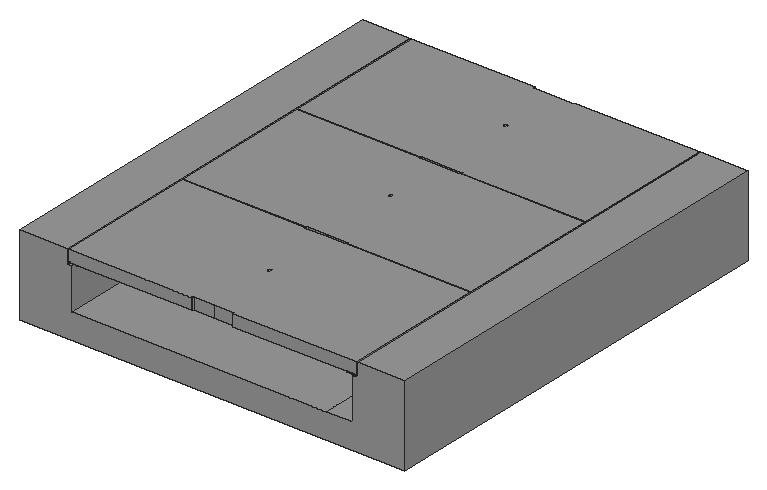
Revit family "T2400-F - 24” Wide, Frame and Grate System", category Plumbing Fixtures, host Face, Revit 2013
Parameters (values of type "T2400-F")
  Wide Body = 2' - 0"
  WFU = 0
  URL = "www.mifab.com"
  Model = "T-2400-F"
  Manufacturer = "Mifab"
  HWFU = 0
  Grate Material = Ductile Iron
  Description = "24” Wide, Frame and Grate System"
  Default Elevation = 0' - 0"
  CWFU = 0
  Body Material = Steel
Reference planes (in)
  plane 1 "Center (Front/Back)": y = 0
  plane 2: z = 0
  plane 3 "Center (Left/Right)": x = 0
Forms (in)
  Extrusion 1, solid, material "Concrete"
    sketch origin (0, 0, 0) x (1, 0, 0) y (0, 0, 1)
      loop
        line (-16.14844, -6.75) -> (16.14844, -6.75) -> (16.14844, 0) -> (12.14844, 0) -> (12.14844, -1.11315) -> (11.77344, -1.11315) -> (11.77344, -4.62576) -> (9.52344, -4.62576) -> (-11.77344, -4.62576) -> (-11.77344, -1.11315) -> (-12.14844, -1.11315) -> (-12.14844, 0) -> (-16.14844, 0) -> (-16.14844, -6.75)
    from 20 to -16
  Extrusion 2, solid, material "Steel" <- "Body Material"
    sketch origin (0, 0, 0) x (1, 0, 0) y (0, 0, 1)
      loop
        line (-12.14844, 0) -> (-12.14844, -1) -> (-11.27344, -1) -> (-11.27344, -0.96418) -> (-12.11568, -0.96418) -> (-12.11568, 0) -> (-12.14844, 0)
      loop
        line (12.14844, 0) -> (12.11568, 0) -> (12.11568, -0.96418) -> (11.27344, -0.96418) -> (11.27344, -1) -> (12.14844, -1) -> (12.14844, 0)
    from 20 to -15.75059
  Extrusion 3, solid, material "Steel" <- "Body Material"
    sketch origin (0, 0, 0) x (1, 0, 0) y (0, 0, 1)
      loop
        arc (-13.19317, -1.00115) -> (-13.24041, -1.02071) -> (-13.25997, -1.06795) r 0.0668
        line (-13.25997, -1.06795) -> (-13.25997, -5.38958) -> (-13.14844, -5.38958) -> (-13.14844, -1.14461)
        arc (-13.14844, -1.14461) -> (-13.13922, -1.12236) -> (-13.11698, -1.11315) r 0.03146
        line (-13.11698, -1.11315) -> (0, -1.11315) -> (13.11698, -1.11315)
        arc (13.11698, -1.11315) -> (13.13922, -1.12236) -> (13.14844, -1.14461) r 0.03146
        line (13.14844, -1.14461) -> (13.14844, -5.38958) -> (13.25997, -5.38958) -> (13.25997, -1.06795)
        arc (13.25997, -1.06795) -> (13.24041, -1.02071) -> (13.19317, -1.00115) r 0.0668
        line (13.19317, -1.00115) -> (9.90685, -1.00115) -> (0, -1.00115) -> (-9.90685, -1.00115) -> (-13.19317, -1.00115)
    from 13.25 to 14.75
  Extrusion 4, void
    sketch origin (0, -4, 0) x (0, 1, 0) y (0, 0, 1)
      loop
        circle (-9.97417, -2.18187) r 0.17172
      loop
        circle (-10, -4.71344) r 0.17172
      loop
        circle (2.75, -2.18187) r 0.17172
      loop
        circle (2.75, -4.71344) r 0.17172
      loop
        circle (14.75, -2.18187) r 0.17172
      loop
        circle (14.75, -4.71344) r 0.17172
    from -14.05435 to 14.34086
  Extrusion 5, void
    sketch origin (0, -4, 0) x (1, 0, 0) y (0, 1, 0)
      loop
        circle (0, -10) r 0.13323
      loop
        circle (0, 2.75) r 0.13323
      loop
        circle (0, 14.75) r 0.13323
    from -5.09827 to 12
  Extrusion 6, solid, material "Ductile Iron" <- "Grate Material"
    sketch origin (0, 0, 0) x (1, 0, 0) y (0, 1, 0)
      loop
        line (-12.11568, -8) -> (-12.11568, -20) -> (-1.75, -20) -> (-1.75, -19.94613)
        arc (-1.75, -19.94613) -> (-1.72925, -19.89604) -> (-1.67917, -19.8753) r 0.07083
        line (-1.67917, -19.8753) -> (0, -19.8753) -> (1.67917, -19.8753)
        arc (1.67917, -19.8753) -> (1.72925, -19.89604) -> (1.75, -19.94613) r 0.07083
        line (1.75, -19.94613) -> (1.75, -20) -> (12.11568, -20) -> (12.11568, -8) -> (1.75, -8) -> (1.75, -8.05387)
        arc (1.75, -8.05387) -> (1.72925, -8.10396) -> (1.67917, -8.1247) r 0.07083
        line (1.67917, -8.1247) -> (0, -8.1247) -> (-1.67917, -8.1247)
        arc (-1.67917, -8.1247) -> (-1.72925, -8.10396) -> (-1.75, -8.05387) r 0.07083
        line (-1.75, -8.05387) -> (-1.75, -8) -> (-12.11568, -8)
    from 0 to -0.96418
  Extrusion 7, solid, material "Ductile Iron" <- "Grate Material"
    sketch origin (0, -16, 0) x (1, 0, 0) y (0, 1, 0)
      loop
        line (-12.11568, 8) -> (-1.75, 8) -> (-1.75, 8.05387)
        arc (-1.75, 8.05387) -> (-1.72925, 8.10396) -> (-1.67917, 8.1247) r 0.07083
        line (-1.67917, 8.1247) -> (0, 8.1247) -> (1.67917, 8.1247)
        arc (1.67917, 8.1247) -> (1.72925, 8.10396) -> (1.75, 8.05387) r 0.07083
        line (1.75, 8.05387) -> (1.75, 8) -> (12.11568, 8) -> (12.11568, 20) -> (1.75, 20) -> (1.75, 19.94613)
        arc (1.75, 19.94613) -> (1.72925, 19.89604) -> (1.67917, 19.8753) r 0.07083
        line (1.67917, 19.8753) -> (0, 19.8753) -> (-1.67917, 19.8753)
        arc (-1.67917, 19.8753) -> (-1.72925, 19.89604) -> (-1.75, 19.94613) r 0.07083
        line (-1.75, 19.94613) -> (-1.75, 20) -> (-12.11568, 20) -> (-12.11568, 8)
    from 0 to -0.96418
  Extrusion 8, solid, material "Ductile Iron" <- "Grate Material"
    sketch origin (0, 24, 0) x (1, 0, 0) y (0, 1, 0)
      loop
        line (-12.11568, -8) -> (-12.11568, -20) -> (-1.75, -20) -> (-1.75, -19.94613)
        arc (-1.75, -19.94613) -> (-1.72925, -19.89604) -> (-1.67917, -19.8753) r 0.07083
        line (-1.67917, -19.8753) -> (0, -19.8753) -> (1.67917, -19.8753)
        arc (1.67917, -19.8753) -> (1.72925, -19.89604) -> (1.75, -19.94613) r 0.07083
        line (1.75, -19.94613) -> (1.75, -20) -> (12.11568, -20) -> (12.11568, -8) -> (1.75, -8) -> (1.75, -8.05387)
        arc (1.75, -8.05387) -> (1.72925, -8.10396) -> (1.67917, -8.1247) r 0.07083
        line (1.67917, -8.1247) -> (0, -8.1247) -> (-1.67917, -8.1247)
        arc (-1.67917, -8.1247) -> (-1.72925, -8.10396) -> (-1.75, -8.05387) r 0.07083
        line (-1.75, -8.05387) -> (-1.75, -8) -> (-12.11568, -8)
    from 0 to -0.96418
  Extrusion 9, solid, material "Steel" <- "Body Material"
    sketch origin (0, 0, 0) x (1, 0, 0) y (0, 0, 1)
      loop
        line (-13.25997, -5.38958) -> (-13.14844, -5.38958) -> (-13.14844, -1.14461)
        arc (-13.14844, -1.14461) -> (-13.13922, -1.12236) -> (-13.11698, -1.11315) r 0.03146
        line (-13.11698, -1.11315) -> (13.11698, -1.11315)
        arc (13.11698, -1.11315) -> (13.13922, -1.12236) -> (13.14844, -1.14461) r 0.03146
        line (13.14844, -1.14461) -> (13.14844, -5.38958) -> (13.25997, -5.38958) -> (13.25997, -1.06795)
        arc (13.25997, -1.06795) -> (13.24041, -1.02071) -> (13.19317, -1.00115) r 0.0668
        line (13.19317, -1.00115) -> (-13.19317, -1.00115)
        arc (-13.19317, -1.00115) -> (-13.24041, -1.02071) -> (-13.25997, -1.06795) r 0.0668
        line (-13.25997, -1.06795) -> (-13.25997, -5.38958)
    from 2 to 0.5
  Extrusion 10, solid, material "Steel" <- "Body Material"
    sketch origin (0, 0, 0) x (1, 0, 0) y (0, 0, 1)
      loop
        line (-13.25997, -5.38958) -> (-13.14844, -5.38958) -> (-13.14844, -1.14461)
        arc (-13.14844, -1.14461) -> (-13.13922, -1.12236) -> (-13.11698, -1.11315) r 0.03146
        line (-13.11698, -1.11315) -> (13.11698, -1.11315)
        arc (13.11698, -1.11315) -> (13.13922, -1.12236) -> (13.14844, -1.14461) r 0.03146
        line (13.14844, -1.14461) -> (13.14844, -5.38958) -> (13.25997, -5.38958) -> (13.25997, -1.06795)
        arc (13.25997, -1.06795) -> (13.24041, -1.02071) -> (13.19317, -1.00115) r 0.0668
        line (13.19317, -1.00115) -> (-13.19317, -1.00115)
        arc (-13.19317, -1.00115) -> (-13.24041, -1.02071) -> (-13.25997, -1.06795) r 0.0668
        line (-13.25997, -1.06795) -> (-13.25997, -5.38958)
    from -10 to -11.5
  Extrusion 11, solid, material "Steel"
    sketch origin (-0.00182, 7.51319, 0.11228) x (1, 0, 0) y (0, 0, 1)
      loop
        line (-12.27325, -1.01873) -> (-13.38553, -2.43156)
        arc (-13.38553, -2.43156) -> (-13.40745, -2.44491) -> (-13.43277, -2.44065) r 0.03674
        line (-13.43277, -2.44065) -> (-14.05473, -2.08156) -> (-14.10582, -2.13265) -> (-13.41725, -2.5302)
        arc (-13.41725, -2.5302) -> (-13.38928, -2.5349) -> (-13.36506, -2.52015) r 0.04059
        line (-13.36506, -2.52015) -> (-12.27511, -1.13568)
        arc (-12.27511, -1.13568) -> (-12.25449, -1.11908) -> (-12.2287, -1.11315) r 0.05906
        line (-12.2287, -1.11315) -> (-12.18301, -1.11315) -> (-12.18301, -1) -> (-12.23467, -1)
        arc (-12.23467, -1) -> (-12.25612, -1.00493) -> (-12.27325, -1.01873) r 0.0491
      loop
        arc (12.27143, -1.01873) -> (12.25429, -1.00493) -> (12.23285, -1) r 0.0491
        line (12.23285, -1) -> (12.18119, -1) -> (12.18119, -1.11315) -> (12.22688, -1.11315)
        arc (12.22688, -1.11315) -> (12.25267, -1.11908) -> (12.27329, -1.13568) r 0.05906
        line (12.27329, -1.13568) -> (13.36324, -2.52015)
        arc (13.36324, -2.52015) -> (13.38746, -2.5349) -> (13.41543, -2.5302) r 0.04059
        line (13.41543, -2.5302) -> (14.104, -2.13265) -> (14.05291, -2.08156) -> (13.43095, -2.44065)
        arc (13.43095, -2.44065) -> (13.40563, -2.44491) -> (13.38371, -2.43156) r 0.03674
        line (13.38371, -2.43156) -> (12.27143, -1.01873)
    from -0.51025 to -1.49853
  Extrusion 12, solid, material "Steel"
    sketch origin (-0.00182, -16.24234, 0.11228) x (1, 0, 0) y (0, 0, 1)
      loop
        line (-12.27325, -1.01873) -> (-13.38553, -2.43156)
        arc (-13.38553, -2.43156) -> (-13.40745, -2.44491) -> (-13.43277, -2.44065) r 0.03674
        line (-13.43277, -2.44065) -> (-14.05473, -2.08156) -> (-14.10582, -2.13265) -> (-13.41725, -2.5302)
        arc (-13.41725, -2.5302) -> (-13.38928, -2.5349) -> (-13.36506, -2.52015) r 0.04059
        line (-13.36506, -2.52015) -> (-12.27511, -1.13568)
        arc (-12.27511, -1.13568) -> (-12.25449, -1.11908) -> (-12.2287, -1.11315) r 0.05906
        line (-12.2287, -1.11315) -> (-12.18301, -1.11315) -> (-12.18301, -1) -> (-12.23467, -1)
        arc (-12.23467, -1) -> (-12.25612, -1.00493) -> (-12.27325, -1.01873) r 0.0491
      loop
        arc (12.27143, -1.01873) -> (12.25429, -1.00493) -> (12.23285, -1) r 0.0491
        line (12.23285, -1) -> (12.18119, -1) -> (12.18119, -1.11315) -> (12.22688, -1.11315)
        arc (12.22688, -1.11315) -> (12.25267, -1.11908) -> (12.27329, -1.13568) r 0.05906
        line (12.27329, -1.13568) -> (13.36324, -2.52015)
        arc (13.36324, -2.52015) -> (13.38746, -2.5349) -> (13.41543, -2.5302) r 0.04059
        line (13.41543, -2.5302) -> (14.104, -2.13265) -> (14.05291, -2.08156) -> (13.43095, -2.44065)
        arc (13.43095, -2.44065) -> (13.40563, -2.44491) -> (13.38371, -2.43156) r 0.03674
        line (13.38371, -2.43156) -> (12.27143, -1.01873)
    from -0.51025 to 0.50766
  Extrusion 13, solid, material "Steel"
    sketch origin (-0.00182, -3.49234, 0.11228) x (1, 0, 0) y (0, 0, 1)
      loop
        line (-12.27325, -1.01873) -> (-13.38553, -2.43156)
        arc (-13.38553, -2.43156) -> (-13.40745, -2.44491) -> (-13.43277, -2.44065) r 0.03674
        line (-13.43277, -2.44065) -> (-14.05473, -2.08156) -> (-14.10582, -2.13265) -> (-13.41725, -2.5302)
        arc (-13.41725, -2.5302) -> (-13.38928, -2.5349) -> (-13.36506, -2.52015) r 0.04059
        line (-13.36506, -2.52015) -> (-12.27511, -1.13568)
        arc (-12.27511, -1.13568) -> (-12.25449, -1.11908) -> (-12.2287, -1.11315) r 0.05906
        line (-12.2287, -1.11315) -> (-12.18301, -1.11315) -> (-12.18301, -1) -> (-12.23467, -1)
        arc (-12.23467, -1) -> (-12.25612, -1.00493) -> (-12.27325, -1.01873) r 0.0491
      loop
        arc (12.27143, -1.01873) -> (12.25429, -1.00493) -> (12.23285, -1) r 0.0491
        line (12.23285, -1) -> (12.18119, -1) -> (12.18119, -1.11315) -> (12.22688, -1.11315)
        arc (12.22688, -1.11315) -> (12.25267, -1.11908) -> (12.27329, -1.13568) r 0.05906
        line (12.27329, -1.13568) -> (13.36324, -2.52015)
        arc (13.36324, -2.52015) -> (13.38746, -2.5349) -> (13.41543, -2.5302) r 0.04059
        line (13.41543, -2.5302) -> (14.104, -2.13265) -> (14.05291, -2.08156) -> (13.43095, -2.44065)
        arc (13.43095, -2.44065) -> (13.40563, -2.44491) -> (13.38371, -2.43156) r 0.03674
        line (13.38371, -2.43156) -> (12.27143, -1.01873)
    from -0.51025 to 0.50766
Cuts and joins
  Extrusion 4, Extrusion 5 cuts Extrusion 3
  Extrusion 5 cuts Extrusion 6
  Extrusion 4, Extrusion 5 cuts Extrusion 9
  Extrusion 4, Extrusion 5 cuts Extrusion 10
  Extrusion 5 cuts Extrusion 2
  Extrusion 5 cuts Extrusion 7
  Extrusion 5 cuts Extrusion 8
Lines and regions (in)
  reference lines
    curve 1: line (-13.625, 0, 0) -> (16.375, 0, 0)
Dimensions and locks (in)
  locked: Extrusion 1 to curve 1 at 20
  Extrusion 2 to plane 3 "Center (Left/Right)" = 0' - 11 35/128"
  Extrusion 1 sketch curve to Extrusion 6 = 0' - 4.03275"
  aligned and locked: plane 2 to host face
  aligned and locked: level to host face
  aligned and locked: host face to Extrusion 1
  aligned and locked: Extrusion 1 to Extrusion 2
  aligned and locked: level to Extrusion 2 sketch curve
  aligned and locked: plane 3 "Center (Left/Right)" to Extrusion 3 sketch curve
  aligned and locked: Extrusion 1 to Extrusion 6
  aligned and locked: Extrusion 6 to Extrusion 2
  aligned and locked: cut or joined group of Extrusion 3, Extrusion 4, Extrusion 5 to Extrusion 1 sketch curve
  aligned and locked: level to Extrusion 6
  aligned and locked: Extrusion 7 to Extrusion 8  (x3)
  aligned and locked: Extrusion 7 to Extrusion 6  (x2)
  aligned and locked: Extrusion 2 to Extrusion 6
  aligned and locked: Extrusion 1 to Extrusion 8
